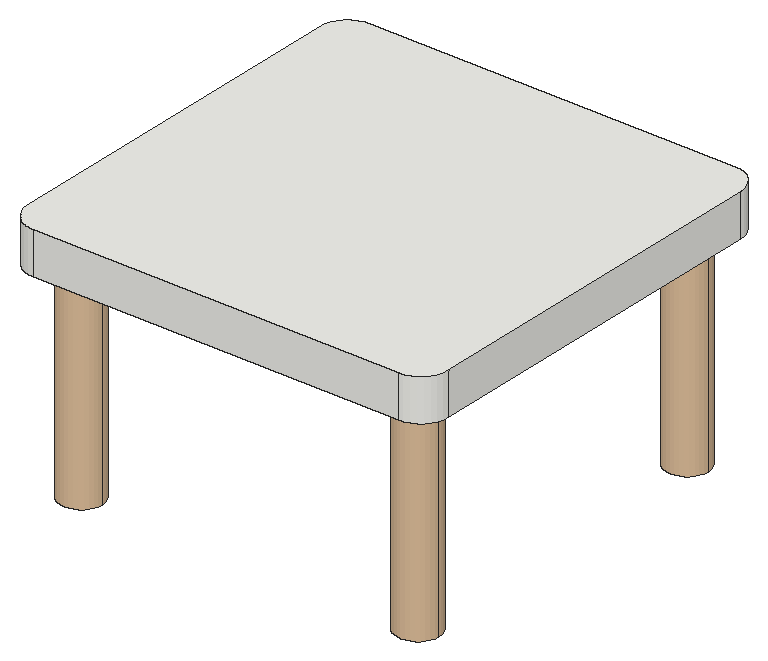
Revit family "basic_sample_family", category Furniture, Revit 2019
Family settings
  OmniClass Number = 23.40.20.14.17
  OmniClass Title = Residential Tables and Cabinets
  Work Plane-Based = No
  Always vertical = Yes
  Cut with Voids When Loaded = No
  Shared = Yes
  Room Calculation Point = No
Parameters (values of type "0762 x 0762mm")
  Base Material = Wood - Birch
  Height = 457.00 mm
  Length = 762.00 mm
  Top Material = Laminate - Ivory, Matte
  Width = 762.00 mm
Types (4, lengths in mm): name | Height | Length | Width
  (no name) | 457.00 | 762.00 | 762.00
  0610 x 0160mm | 762.00 | 610.00 | 610.00
  0762 x 0762mm | 457.00 | 762.00 | 762.00
  0610 x 0915mm | 762.00 | 610.00 | 915.00
Reference planes
  plane 1: y = 152.4
  plane 2: z = 0
  plane 3 "Left": x = 3.734
  plane 4 "Right": x = 765.734
  plane 5 "Back": y = 533.4
  plane 6 "Front": y = -228.6
  plane 7: x = 384.734
Forms (mm)
  Extrusion 1, solid, material "Laminate - Ivory, Matte" <- "Top Material"
    sketch origin (0, 0, 0) x (1, 0, 0) y (0, 1, 0)
      loop
        line (54.534, -228.6) -> (714.934, -228.6)
        arc (714.934, -228.6) -> (750.855, -213.721) -> (765.734, -177.8) r 50.8
        line (765.734, -177.8) -> (765.734, 482.6)
        arc (765.734, 482.6) -> (750.855, 518.521) -> (714.934, 533.4) r 50.8
        line (714.934, 533.4) -> (54.534, 533.4)
        arc (54.534, 533.4) -> (18.613, 518.521) -> (3.734, 482.6) r 50.8
        line (3.734, 482.6) -> (3.734, -177.8)
        arc (3.734, -177.8) -> (18.613, -213.721) -> (54.534, -228.6) r 50.8
    from 380.8 to 457
  Extrusion 2, solid, material "Wood - Birch" <- "Base Material"
    sketch origin (0, 0, 0) x (1, 0, 0) y (0, 1, 0)
      loop
        circle (79.934, 457.2) r 38.1
      loop
        circle (79.934, -152.4) r 38.1
      loop
        circle (689.534, -152.4) r 38.1
      loop
        circle (689.534, 457.2) r 38.1
    from 0 to 380.8
Lines and regions (mm)
  Masking region 1
    outline origin (0, 0, 0) x (1, 0, 0) y (0, 1, 0)
      loop
        arc (54.534, 533.4) -> (18.613, 518.521) -> (3.734, 482.6) r 50.8
        line (3.734, 482.6) -> (3.734, -177.8)
        arc (3.734, -177.8) -> (18.613, -213.721) -> (54.534, -228.6) r 50.8
        line (54.534, -228.6) -> (714.934, -228.6)
        arc (714.934, -228.6) -> (750.855, -213.721) -> (765.734, -177.8) r 50.8
        line (765.734, -177.8) -> (765.734, 482.6)
        arc (765.734, 482.6) -> (750.855, 518.521) -> (714.934, 533.4) r 50.8
        line (714.934, 533.4) -> (54.534, 533.4)
Dimensions and locks
  locked: Extrusion 1 to Extrusion 1 at 76.2
  "Height": Extrusion 1 to plane 2
  locked: Extrusion 1 to Extrusion 2 sketch curve at 76.2  (x8)
  "Width": plane 5 "Back" to plane 6 "Front"
  "Length": plane 3 "Left" to plane 4 "Right"
  equal spacing: plane 5 "Back", plane 1, plane 6 "Front"
  equal spacing: plane 3 "Left", plane 7, plane 4 "Right"
  radius of Extrusion 1 sketch curve = 50.80 mm  (x4)
  aligned and locked: plane 2 to level
  aligned and locked: plane 6 "Front" to Extrusion 1 sketch curve
  aligned and locked: Extrusion 2 to Extrusion 1
  aligned and locked: Masking region 1 sketch curve to plane 5 "Back"
  aligned and locked: plane 3 "Left" to Masking region 1 sketch curve
  aligned and locked: plane 4 "Right" to Masking region 1 sketch curve
  aligned and locked: Masking region 1 sketch curve to plane 6 "Front"
  aligned: Masking region 1 sketch curve to Extrusion 1
Automatic sketch dimensions
  Extrusion 2 sketch curve to Extrusion 2 sketch curve = 38.10 mm  (x4)
  Extrusion 1 sketch curve to plane 3 "Left" = 0.00 mm
  Extrusion 1 sketch curve to plane 4 "Right" = 0.00 mm
  Extrusion 1 sketch curve to plane 5 "Back" = 0.00 mm
  plane 3 "Left" to Masking region 1 sketch curve = 50.80 mm  (x2)
  plane 4 "Right" to Masking region 1 sketch curve = 50.80 mm  (x2)
